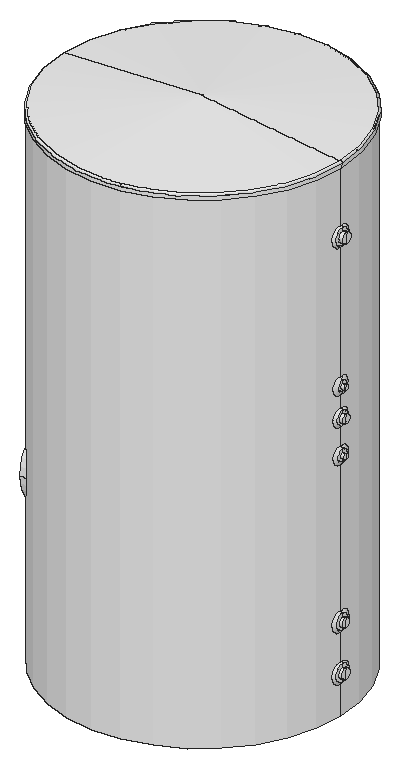
Revit family "WST-1000-5C", category Specialty Equipment, Revit 2016
Family settings
  Part Type = Normal
  Round Connector Dimension = Use Diameter
  Work Plane-Based = No
  Always vertical = Yes
  Cut with Voids When Loaded = No
  Shared = No
  Room Calculation Point = No
Parameters (values of type "WST 1000-5C")
  Versión = "1.0"  # constant formula
  URL = "www.bosch-thermotechnology.com/es/es/comercial-e-industrial/ocs/stora-w-st--5-742030-p"
  Tª máxima agua caliente = "95 ºC"
  Tiempo calentamiento con petencia nominal = "51 min"
  Temperatura máxima intercambiador = "160 ºC"
  Superficie intercambiador = ""
  Radio sonda = 19 mm / 2  # 9.5 mm
  Radio salida agua caliente = (25.4 mm + 12.7 mm) / 2  # 19.05 mm
  Radio retorno acumulador = (25.4 mm + 6.4 mm) / 2  # 15.9 mm
  Radio puerta = A Radio_deposito + 10 mm  # 545 mm
  Radio entrada agua fría = (25.4 mm + 12.7 mm) / 2  # 19.05 mm
  Radio circulación = 19.1 mm / 2  # 9.55 mm
  Radio Impulsión acumulador = (25.4 mm + 6.4 mm) / 2  # 15.9 mm
  Pérdida presión intercambiador (agua) = "350 mbar"
  Presión nominal máxima = "7,8 bar"
  Presión máxima intercambiador = "16 bar"
  Presión de servicio máxima del agua potable = "10 bar"
  Presión de prueba máxima del agua caliente = "10 bar"
  Potencia máxima de calentamiento = "111,8 kW"
  Potencia continua (80ºC imp./45ºC salida ACS/10ºC Suministro) = "111,8 kW"
  PlasticArea = Bosch_160-160-160
  Peso en vacío = "292 kg"
  Model = "WST 1000-5C"
  Manufacturer = "BOSCH"  # constant formula
  J = 2500 mm
  I = 1665 mm
  H = 1147 mm
  G = 1037 mm
  F = 330 mm
  E = 152 mm
  Description = "Interacumulador de agua caliente sanitaria de 1000 litros de capacidad, modelo WST 1000-5C"
  D Altura tanque = 1920 mm
  Contenido intercambiador = ""
  Contenido = "1000 l"
  Consumo térmico según DIN 4753 = ""
  Conexión recirculación = "R3/4\""
  Conexión agua fría = "R1 1/2\""
  Conexión agua caliente = "R1 1/2\""
  Clase de eficiencia energética de caldeo = "C"
  Caudal máximo entrada agua fría = "99 l/min"
  Caudal agua intercambiador = "5900 l/h"
  Autor = "6d ingenieros"  # constant formula
  Agua caliente útil Tª salida 45 ºC = "1410 l"
  Agua caliente útil Tª salida 40ºC = "1645 l"
  A Radio_deposito = 1070 mm / 2  # 535 mm
  C Altura patas [instance] = 12 mm
Reference planes
  plane 1 "Center (Front/Back)": y = 0
  plane 2: z = 0
  plane 3 "Center (Left/Right)": x = 0
  plane 4: z = 12
  plane 5: z = 1677
  plane 6: z = 1159
  plane 7: z = 1049
  plane 8: z = 342
  plane 9: z = 164
  plane 10: z = 2500
Forms (mm)
  Extrusion 1, solid, material "Bosch_240-240-240"
    sketch origin (0, 0, 0) x (1, 0, 0) y (0, 1, 0)
      loop
        circle (0, 0) r 535
    from 12 to 1932
  Revolve 2, solid, material "Bosch_240-240-240"
    sketch origin (198.594, 0, 0) x (1, 0, 0) y (0, 0, 1)
      loop
        line (334.975, 184.016) -> (342.475, 184.016) -> (342.475, 195.55) -> (334.975, 204) -> (334.975, 184.016)
      loop
        line (334.975, 183.05) -> (334.975, 164) -> (355.478, 164) -> (355.478, 183.05) -> (334.975, 183.05)
      axis (334.975, 164) -> (355.478, 164)
    angle from 0 to 360
  Revolve 3, solid, material "Bosch_240-240-240"
    sketch origin (198.594, 0, 238) x (1, 0, 0) y (0, 0, 1)
      loop
        line (334.975, 120.866) -> (342.475, 120.866) -> (342.475, 132.4) -> (334.975, 144) -> (334.975, 120.866)
      loop
        line (334.975, 119.9) -> (334.975, 104) -> (355.478, 104) -> (355.478, 119.9) -> (334.975, 119.9)
      axis (334.975, 104) -> (355.478, 104)
    angle from 0 to 360
  Revolve 4, solid, material "Bosch_240-240-240"
    sketch origin (198.594, 0, 642) x (1, 0, 0) y (0, 0, 1)
      loop
        line (334.975, 423.866) -> (342.475, 423.866) -> (342.475, 432.044) -> (334.975, 441.835) -> (334.975, 423.866)
      loop
        line (334.975, 422.9) -> (334.975, 407) -> (357.62, 407) -> (357.62, 422.9) -> (334.975, 422.9)
      axis (334.975, 407) -> (357.62, 407)
    angle from 0 to 360
  Revolve 5, solid, material "Bosch_240-240-240"
    sketch origin (198.594, 0, 1275) x (1, 0, 0) y (0, 0, 1)
      loop
        line (334.975, 422.016) -> (342.475, 422.016) -> (342.475, 433.55) -> (334.975, 442) -> (334.975, 422.016)
      loop
        line (334.975, 421.05) -> (334.975, 402) -> (359.611, 402) -> (359.611, 421.05) -> (334.975, 421.05)
      axis (334.975, 402) -> (359.611, 402)
    angle from 0 to 360
  Revolve 6, solid, material "Bosch_240-240-240"
    sketch origin (0, 0, 502.5) x (1, 0, 0) y (0, 0, 1)
      loop
        line (2.035, 1413.681) -> (539.198, 1413.681) -> (539.198, 1426.906)
        arc (539.198, 1426.906) -> (537.314, 1432.088) -> (532.542, 1434.85) r 8.069
        arc (532.542, 1434.85) -> (268.29, 1467.996) -> (2.035, 1473.983) r 2604.436
        line (2.035, 1473.983) -> (2.035, 1413.681)
      axis (0, 1413.681) -> (0, 1473.983)
    angle from 0 to 360
  Extrusion 7, solid, material "Bosch_240-240-240"
    sketch origin (0, 0, 0) x (1, 0, 0) y (0, 1, 0)
      loop
        circle (-242.895, 0) r 57.2
      loop
        circle (119.968, 207.435) r 57.2
      loop
        circle (119.968, -207.435) r 57.2
    from 0 to 12
  Extrusion 8, solid, material "Bosch_160-160-160" <- "PlasticArea"
    sketch origin (-507.722, -1695.913, -1472.36) x (-0.00451, -0.000031, 0.99999) y (-0.006964, 0.999976, 0)
      loop
        circle (2915.573, 1756.393) r 16.5
      loop
        circle (2915.573, 1756.393) r 14.5
      loop
        arc (2925.722, 1762.795) -> (2915.573, 1768.393) -> (2905.424, 1762.795) r 12
        arc (2905.424, 1762.795) -> (2905.409, 1762.287) -> (2905.846, 1762.028) r 0.5
        line (2905.846, 1762.028) -> (2910.621, 1762.028) -> (2910.621, 1750.856) -> (2905.784, 1750.856)
        arc (2905.784, 1750.856) -> (2905.348, 1750.6) -> (2905.359, 1750.094) r 0.5
        arc (2905.359, 1750.094) -> (2915.573, 1744.393) -> (2925.787, 1750.094) r 12
        arc (2925.787, 1750.094) -> (2925.798, 1750.6) -> (2925.361, 1750.856) r 0.5
        line (2925.361, 1750.856) -> (2920.525, 1750.856) -> (2920.525, 1762.028) -> (2925.3, 1762.028)
        arc (2925.3, 1762.028) -> (2925.737, 1762.287) -> (2925.722, 1762.795) r 0.5
      loop
        line (2918.025, 1750.856) -> (2918.025, 1762.028) -> (2912.871, 1762.028) -> (2912.871, 1750.856) -> (2918.025, 1750.856)
      loop
        line (2909.206, 1764.114) -> (2921.958, 1764.114)
        arc (2921.958, 1764.114) -> (2915.582, 1766.408) -> (2909.206, 1764.114) r 10.01
      loop
        arc (2909.115, 1748.734) -> (2915.552, 1746.391) -> (2921.988, 1748.734) r 10.015
        line (2921.988, 1748.734) -> (2909.115, 1748.734)
      loop
        line (2904.189, 1723.669) -> (2904.189, 1711.064)
        arc (2904.189, 1711.064) -> (2908.987, 1705.609) -> (2915.01, 1709.671) r 5.5
        arc (2915.01, 1709.671) -> (2915.449, 1710.042) -> (2915.948, 1709.754) r 0.5
        arc (2915.948, 1709.754) -> (2922.122, 1706.692) -> (2926.439, 1712.064) r 5.5
        line (2926.439, 1712.064) -> (2926.439, 1723.669) -> (2904.189, 1723.669)
      loop
        line (2904.189, 1626.169) -> (2926.439, 1626.169) -> (2926.439, 1631.064) -> (2917.692, 1631.064) -> (2917.692, 1638.064) -> (2926.439, 1638.064) -> (2926.439, 1643.564) -> (2904.189, 1643.564) -> (2904.189, 1638.064) -> (2913.692, 1638.064) -> (2913.692, 1631.064) -> (2904.189, 1631.064) -> (2904.189, 1626.169)
      loop
        line (2921.692, 1718.564) -> (2917.692, 1718.564) -> (2917.692, 1714.064)
        arc (2917.692, 1714.064) -> (2919.692, 1712.064) -> (2921.692, 1714.064) r 2
        line (2921.692, 1714.064) -> (2921.692, 1718.564)
      loop
        line (2913.692, 1718.564) -> (2908.689, 1718.564) -> (2908.689, 1714.064)
        arc (2908.689, 1714.064) -> (2911.191, 1711.562) -> (2913.692, 1714.064) r 2.501
        line (2913.692, 1714.064) -> (2913.692, 1718.564)
      loop
        line (2918.904, 1650.377) -> (2921.767, 1645.947)
        spline (2921.767, 1645.947) -> (2924.895, 1649.011) -> (2926.367, 1652.953) -> (2925.927, 1657.092) -> (2923.653, 1660.713) -> (2919.937, 1663.189) -> (2915.422, 1664.093) -> (2910.888, 1663.267) -> (2907.119, 1660.856) -> (2904.768, 1657.276) -> (2904.239, 1653.145) -> (2905.626, 1649.178) -> (2908.687, 1646.061)
        line (2908.687, 1646.061) -> (2911.812, 1650.332)
        spline (2911.812, 1650.332) -> (2909.924, 1651.808) -> (2908.998, 1653.751) -> (2909.196, 1655.815) -> (2910.485, 1657.632) -> (2912.635, 1658.879) -> (2915.262, 1659.332) -> (2917.898, 1658.912) -> (2920.074, 1657.693) -> (2921.402, 1655.893) -> (2921.645, 1653.831) -> (2920.759, 1651.877) -> (2918.904, 1650.377)
      loop
        spline (2904.189, 1694.564) -> (2904.568, 1691.975) -> (2905.68, 1689.564) -> (2907.448, 1687.493) -> (2909.752, 1685.903) -> (2912.435, 1684.904) -> (2915.314, 1684.564) -> (2918.194, 1684.904) -> (2920.877, 1685.903) -> (2923.181, 1687.493) -> (2924.949, 1689.564) -> (2926.06, 1691.975) -> (2926.439, 1694.564)
        spline (2926.439, 1694.564) -> (2926.06, 1697.152) -> (2924.949, 1699.564) -> (2923.181, 1701.635) -> (2920.877, 1703.224) -> (2918.194, 1704.223) -> (2915.314, 1704.564) -> (2912.435, 1704.223) -> (2909.752, 1703.224) -> (2907.448, 1701.635) -> (2905.68, 1699.564) -> (2904.568, 1697.152) -> (2904.189, 1694.564)
      loop
        spline (2908.936, 1694.564) -> (2909.154, 1693.338) -> (2909.791, 1692.196) -> (2910.804, 1691.216) -> (2912.125, 1690.463) -> (2913.663, 1689.99) -> (2915.314, 1689.829) -> (2916.965, 1689.99) -> (2918.503, 1690.463) -> (2919.824, 1691.216) -> (2920.838, 1692.196) -> (2921.475, 1693.338) -> (2921.692, 1694.564)
        spline (2921.692, 1694.564) -> (2921.475, 1695.789) -> (2920.838, 1696.931) -> (2919.824, 1697.912) -> (2918.503, 1698.664) -> (2916.965, 1699.137) -> (2915.314, 1699.298) -> (2913.663, 1699.137) -> (2912.125, 1698.664) -> (2910.804, 1697.912) -> (2909.791, 1696.931) -> (2909.154, 1695.789) -> (2908.936, 1694.564)
      loop
        line (2920.044, 1669.973) -> (2923.326, 1666.69)
        spline (2923.326, 1666.69) -> (2923.803, 1667.235) -> (2924.244, 1667.811) -> (2924.65, 1668.414) -> (2925.017, 1669.043) -> (2925.345, 1669.695) -> (2925.632, 1670.367) -> (2925.876, 1671.057) -> (2926.078, 1671.762) -> (2926.235, 1672.478) -> (2926.349, 1673.203) -> (2926.417, 1673.935) -> (2926.439, 1674.669)
        spline (2926.439, 1674.669) -> (2925.183, 1678.841) -> (2923.495, 1680.911) -> (2921.713, 1681.899) -> (2919.832, 1682.202) -> (2918.073, 1681.899) -> (2916.453, 1680.963) -> (2915.059, 1679.233) -> (2914, 1676.685) -> (2913.231, 1674.13) -> (2912.5, 1672.296) -> (2911.212, 1671.268) -> (2908.973, 1672.704)
        spline (2908.973, 1672.704) -> (2908.813, 1673.366) -> (2908.718, 1674.04) -> (2908.689, 1674.719) -> (2908.728, 1675.399) -> (2908.832, 1676.071) -> (2909.002, 1676.73) -> (2909.236, 1677.37) -> (2909.531, 1677.984) -> (2909.885, 1678.567) -> (2910.294, 1679.113) -> (2910.755, 1679.618) -> (2911.262, 1680.075)
        line (2911.262, 1680.075) -> (2908.245, 1683.549)
        spline (2908.245, 1683.549) -> (2907.482, 1682.836) -> (2906.785, 1682.053) -> (2906.162, 1681.207) -> (2905.617, 1680.305) -> (2905.155, 1679.355) -> (2904.78, 1678.365) -> (2904.494, 1677.344) -> (2904.302, 1676.299) -> (2904.203, 1675.241) -> (2904.199, 1674.177) -> (2904.291, 1673.118) -> (2904.477, 1672.072)
        spline (2904.477, 1672.072) -> (2905.432, 1669.79) -> (2906.707, 1668.257) -> (2908.098, 1667.308) -> (2909.46, 1666.796) -> (2910.751, 1666.606) -> (2911.941, 1666.628) -> (2913.007, 1666.803) -> (2913.938, 1667.111) -> (2914.797, 1667.63) -> (2915.742, 1668.573) -> (2916.789, 1670.327) -> (2917.692, 1673.565)
        spline (2917.692, 1673.565) -> (2917.908, 1674.592) -> (2918.247, 1675.4) -> (2918.664, 1676.008) -> (2919.114, 1676.44) -> (2919.553, 1676.717) -> (2919.961, 1676.86) -> (2920.347, 1676.892) -> (2920.718, 1676.834) -> (2921.082, 1676.704) -> (2921.409, 1676.419) -> (2921.635, 1675.802) -> (2921.692, 1674.669)
        spline (2921.692, 1674.669) -> (2921.68, 1674.24) -> (2921.644, 1673.813) -> (2921.585, 1673.389) -> (2921.502, 1672.97) -> (2921.395, 1672.558) -> (2921.266, 1672.153) -> (2921.114, 1671.757) -> (2920.941, 1671.373) -> (2920.746, 1671.001) -> (2920.531, 1670.643) -> (2920.297, 1670.299) -> (2920.044, 1669.973)
    from -5.549 to 3.943
  Revolve 9, solid, material "Bosch_240-240-240"
    sketch origin (198.594, 0, 512) x (1, 0, 0) y (0, 0, 1)
      loop
        line (334.975, 417.466) -> (342.475, 417.466) -> (342.475, 429) -> (334.975, 441.99) -> (334.975, 417.466)
      loop
        line (334.975, 416.5) -> (334.975, 407) -> (357.378, 407) -> (357.378, 416.5) -> (334.975, 416.5)
      axis (334.975, 407) -> (357.378, 407)
    angle from 0 to 360
  Extrusion 10, solid, material "Bosch_240-240-240"
    sketch origin (0, -13.125, 0) x (0, 1, 0) y (0, 0, 1)
      loop
        circle (13.106, 514.373) r 145.205
    from -591.319 to -467.319
  Revolve 11, solid, material "Bosch_240-240-240"
    sketch origin (198.594, 0, 842) x (1, 0, 0) y (0, 0, 1)
      loop
        line (334.975, 327.516) -> (342.475, 327.516) -> (342.475, 335.694) -> (334.975, 351.835) -> (334.975, 327.516)
      loop
        line (334.975, 326.55) -> (334.975, 317) -> (357.62, 317) -> (357.62, 326.55) -> (334.975, 326.55)
      axis (334.975, 317) -> (357.62, 317)
    angle from 0 to 360
Dimensions and locks
  "C Altura patas": plane 4 to level
  "D Altura tanque": Extrusion 1 to plane 4
  "J": plane 10 to plane 2
  "E": plane 9 to plane 4
  "F": plane 8 to plane 4
  "G": plane 7 to plane 4
  "H": plane 6 to plane 4
  "I": plane 5 to plane 4
  locked: plane 7 to Revolve 9 sketch curve at 130
  "Radio salida agua caliente": Revolve 5 sketch curve to plane 5
  locked: Revolve 5 sketch curve to Revolve 5 sketch curve at 0.966
  "Radio Impulsión acumulador": Revolve 4 sketch curve to plane 7
  locked: Revolve 4 sketch curve to Revolve 4 sketch curve at 0.966
  "Radio entrada agua fría": Revolve 2 sketch curve to plane 9
  locked: Revolve 2 sketch curve to Revolve 2 sketch curve at 0.966
  locked: Revolve 9 sketch curve to Revolve 9 sketch curve at 0.966
  "Radio sonda": Revolve 9 sketch curve to Revolve 9 sketch curve
  "Radio retorno acumulador": Revolve 3 sketch curve to plane 8
  locked: Revolve 3 sketch curve to Revolve 3 sketch curve at 0.966
  locked: Revolve 11 sketch curve to Revolve 11 sketch curve at 0.966
  "Radio circulación": Revolve 11 sketch curve to plane 6
  locked: Revolve 11 sketch curve to plane 6 at 34.835
  "A Radio_deposito": radius of Extrusion 1 sketch curve
  aligned and locked: level to plane 2
  aligned and locked: Extrusion 1 to plane 4
  aligned and locked: Revolve 2 sketch curve to plane 9
  aligned and locked: Revolve 3 sketch curve to plane 8
  aligned and locked: Revolve 4 sketch curve to plane 7
  aligned and locked: Revolve 5 sketch curve to plane 5
  aligned and locked: Extrusion 7 to Extrusion 1
  aligned and locked: Extrusion 7 to level
  aligned and locked: Revolve 9 sketch curve to Revolve 9 sketch curve
Automatic sketch dimensions
  Extrusion 8 sketch curve to Extrusion 8 sketch curve = 0 mm  (x27)
  Extrusion 8 sketch curve to Extrusion 8 sketch curve = 0.287 mm  (x2)
  Extrusion 8 sketch curve to Extrusion 8 sketch curve = 1.595 mm
  Extrusion 8 sketch curve to Extrusion 8 sketch curve = 0.062 mm
  Extrusion 8 sketch curve to Extrusion 8 sketch curve = 3.768 mm
  Extrusion 8 sketch curve to Extrusion 8 sketch curve = 4.498 mm
  Extrusion 8 sketch curve to Extrusion 8 sketch curve = 4.5 mm  (x2)
  Extrusion 8 sketch curve to Extrusion 8 sketch curve = 4.497 mm
  Extrusion 8 sketch curve to Extrusion 8 sketch curve = 3.331 mm
  Extrusion 8 sketch curve to Extrusion 8 sketch curve = 3.359 mm
  Extrusion 8 sketch curve to Extrusion 8 sketch curve = 1 mm
  Extrusion 8 sketch curve to Extrusion 8 sketch curve = 1.506 mm
  Extrusion 8 sketch curve to Extrusion 8 sketch curve = 2.501 mm
  Extrusion 8 sketch curve to Extrusion 8 sketch curve = 3.018 mm
  Extrusion 8 sketch curve to Extrusion 8 sketch curve = 3.124 mm
  Extrusion 8 sketch curve to Extrusion 8 sketch curve = 2.25 mm
  Extrusion 8 sketch curve to Extrusion 8 sketch curve = 5.005 mm
  Extrusion 8 sketch curve to Extrusion 8 sketch curve = 1.801 mm
  Extrusion 8 sketch curve to Extrusion 8 sketch curve = 2.681 mm
  Extrusion 8 sketch curve to Extrusion 8 sketch curve = 0.021 mm
  Extrusion 8 sketch curve to Extrusion 8 sketch curve = 0.009 mm
  Extrusion 8 sketch curve to Extrusion 8 sketch curve = 8.719 mm
  Extrusion 8 sketch curve to Extrusion 8 sketch curve = 4 mm  (x3)
  Extrusion 8 sketch curve to Extrusion 8 sketch curve = 3.963 mm
  Extrusion 8 sketch curve to Extrusion 8 sketch curve = 7.092 mm
  Extrusion 8 sketch curve to Extrusion 8 sketch curve = 2 mm  (x2)
  Extrusion 8 sketch curve to Extrusion 8 sketch curve = 2.351 mm
  Extrusion 8 sketch curve to Extrusion 8 sketch curve = 2.5 mm
  Extrusion 8 sketch curve to Extrusion 8 sketch curve = 0.753 mm
  Extrusion 8 sketch curve to Extrusion 8 sketch curve = 2.863 mm
  Extrusion 8 sketch curve to Extrusion 8 sketch curve = 3.282 mm  (x2)
  Extrusion 8 sketch curve to Extrusion 8 sketch curve = 3.341 mm
  Extrusion 8 sketch curve to Extrusion 8 sketch curve = 3.374 mm
  Extrusion 8 sketch curve to Extrusion 8 sketch curve = 8.747 mm
  Extrusion 8 sketch curve to Extrusion 8 sketch curve = 4.747 mm  (x4)
  Extrusion 8 sketch curve to Extrusion 8 sketch curve = 4.672 mm
  Extrusion 8 sketch curve to Extrusion 8 sketch curve = 4.895 mm
  Extrusion 8 sketch curve to Extrusion 8 sketch curve = 7 mm
  Extrusion 8 sketch curve to Extrusion 8 sketch curve = 5.5 mm
  Extrusion 8 sketch curve to Extrusion 8 sketch curve = 2.384 mm
  Extrusion 8 sketch curve to Extrusion 8 sketch curve = 2.497 mm
  Extrusion 8 sketch curve to Extrusion 8 sketch curve = 4.271 mm
  Extrusion 8 sketch curve to Extrusion 8 sketch curve = 4.43 mm
  Extrusion 8 sketch curve to Extrusion 8 sketch curve = 16.313 mm
  Extrusion 8 sketch curve to Extrusion 8 sketch curve = 2.1 mm
  Extrusion 8 sketch curve to Extrusion 8 sketch curve = 0.632 mm
  Extrusion 8 sketch curve to Extrusion 8 sketch curve = 3.592 mm
  Extrusion 8 sketch curve to Extrusion 8 sketch curve = 4.696 mm
  Extrusion 8 sketch curve to Extrusion 8 sketch curve = 1.104 mm
  Extrusion 8 sketch curve to Extrusion 8 sketch curve = 5.406 mm
  Extrusion 8 sketch curve to Extrusion 8 sketch curve = 3.474 mm
  Extrusion 8 sketch curve to Extrusion 8 sketch curve = 25.996 mm
  Extrusion 8 sketch curve to Extrusion 8 sketch curve = 1.519 mm
  Extrusion 8 sketch curve to Extrusion 8 sketch curve = 2.519 mm
  Extrusion 8 sketch curve to Extrusion 8 sketch curve = 3 mm
  Extrusion 8 sketch curve to Extrusion 8 sketch curve = 5.105 mm
  Extrusion 8 sketch curve to Extrusion 8 sketch curve = 25.065 mm
  Extrusion 8 sketch curve to Extrusion 8 sketch curve = 1.623 mm  (x2)
  Extrusion 8 sketch curve to Extrusion 8 sketch curve = 2.123 mm  (x2)
  Extrusion 8 sketch curve to Extrusion 8 sketch curve = 5.536 mm
  Extrusion 8 sketch curve to Extrusion 8 sketch curve = 0.005 mm
  Extrusion 8 sketch curve to Extrusion 8 sketch curve = 0.013 mm
  Extrusion 8 sketch curve to Extrusion 8 sketch curve = 5.63 mm
  Extrusion 8 sketch curve to Extrusion 8 sketch curve = 5.622 mm
  Extrusion 8 sketch curve to Extrusion 8 sketch curve = 0.5 mm  (x2)
  Extrusion 8 sketch curve to Extrusion 8 sketch curve = 2.086 mm
  Extrusion 8 sketch curve to Extrusion 8 sketch curve = 4.056 mm
  Extrusion 8 sketch curve to Extrusion 8 sketch curve = 7.622 mm
  Extrusion 8 sketch curve to Extrusion 8 sketch curve = 0.284 mm
  Extrusion 8 sketch curve to Extrusion 8 sketch curve = 0.247 mm
  Extrusion 8 sketch curve to Extrusion 8 sketch curve = 6.378 mm
  Extrusion 8 sketch curve to Extrusion 8 sketch curve = 3.503 mm
  Extrusion 8 sketch curve to Extrusion 8 sketch curve = 0.433 mm
  Extrusion 8 sketch curve to Extrusion 8 sketch curve = 11.015 mm
  plane 1 "Center (Front/Back)" to Extrusion 10 sketch curve = 0.019 mm
  plane 8 to Extrusion 10 sketch curve = 172.373 mm
  plane 1 "Center (Front/Back)" to Extrusion 7 sketch curve = 0 mm
  Extrusion 7 sketch curve to plane 3 "Center (Left/Right)" = 242.895 mm
  plane 3 "Center (Left/Right)" to Extrusion 7 sketch curve = 119.968 mm  (x2)
  plane 1 "Center (Front/Back)" to Extrusion 7 sketch curve = 207.435 mm
  Extrusion 7 sketch curve to plane 1 "Center (Front/Back)" = 207.435 mm
  Revolve 6 sketch curve to plane 3 "Center (Left/Right)" = 0 mm
  plane 3 "Center (Left/Right)" to Revolve 6 sketch curve = 2.035 mm
  plane 3 "Center (Left/Right)" to Revolve 6 sketch curve = 76.695 mm
  plane 5 to Revolve 6 sketch curve = 252.406 mm
  Revolve 6 sketch curve to Revolve 6 sketch curve = 529.095 mm
  Revolve 6 sketch curve to Revolve 6 sketch curve = 8.069 mm
  Revolve 6 sketch curve to Revolve 6 sketch curve = 13.225 mm
  Revolve 6 sketch curve to level = 626.883 mm
  Revolve 6 sketch curve to Revolve 6 sketch curve = 60.302 mm
  Revolve 6 sketch curve to Revolve 6 sketch curve = 60 mm
  Revolve 6 sketch curve to Revolve 6 sketch curve = 99.698 mm
  plane 1 "Center (Front/Back)" to Extrusion 1 sketch curve = 0 mm
  Extrusion 1 sketch curve to plane 3 "Center (Left/Right)" = 0 mm
  Revolve 2 sketch curve to plane 9 = 0 mm
  plane 9 to Revolve 2 sketch curve = 40 mm
  plane 3 "Center (Left/Right)" to Revolve 2 sketch curve = 533.569 mm
  Revolve 2 sketch curve to Revolve 2 sketch curve = 0 mm
  Revolve 2 sketch curve to Revolve 2 sketch curve = 7.5 mm
  Revolve 2 sketch curve to Revolve 2 sketch curve = 13.002 mm
  Revolve 2 sketch curve to Revolve 2 sketch curve = 11.534 mm
  Revolve 2 sketch curve to Revolve 2 sketch curve = 5 mm
  Revolve 2 sketch curve to Revolve 2 sketch curve = 24.498 mm
  Revolve 3 sketch curve to plane 8 = 0 mm
  plane 8 to Revolve 3 sketch curve = 40 mm
  plane 3 "Center (Left/Right)" to Revolve 3 sketch curve = 533.569 mm
  Revolve 3 sketch curve to Revolve 3 sketch curve = 0 mm
  Revolve 3 sketch curve to Revolve 3 sketch curve = 7.5 mm
  Revolve 3 sketch curve to Revolve 3 sketch curve = 13.002 mm
  Revolve 3 sketch curve to Revolve 3 sketch curve = 11.534 mm
  Revolve 3 sketch curve to Revolve 3 sketch curve = 5 mm
  Revolve 3 sketch curve to Revolve 3 sketch curve = 24.498 mm
  Revolve 4 sketch curve to plane 7 = 0 mm
  plane 7 to Revolve 4 sketch curve = 34.835 mm
  plane 3 "Center (Left/Right)" to Revolve 4 sketch curve = 533.569 mm
  Revolve 4 sketch curve to Revolve 4 sketch curve = 0 mm
  Revolve 4 sketch curve to Revolve 4 sketch curve = 7.5 mm
  Revolve 4 sketch curve to Revolve 4 sketch curve = 15.144 mm
  Revolve 4 sketch curve to Revolve 4 sketch curve = 8.178 mm
  Revolve 4 sketch curve to Revolve 4 sketch curve = 5 mm
  Revolve 4 sketch curve to Revolve 4 sketch curve = 22.356 mm
  Revolve 5 sketch curve to plane 5 = 0 mm
  plane 5 to Revolve 5 sketch curve = 40 mm
  plane 3 "Center (Left/Right)" to Revolve 5 sketch curve = 533.569 mm
  Revolve 5 sketch curve to Revolve 5 sketch curve = 0 mm
  Revolve 5 sketch curve to Revolve 5 sketch curve = 7.5 mm
  Revolve 5 sketch curve to Revolve 5 sketch curve = 17.136 mm
  Revolve 5 sketch curve to Revolve 5 sketch curve = 11.534 mm
  Revolve 5 sketch curve to Revolve 5 sketch curve = 5 mm
  Revolve 5 sketch curve to Revolve 5 sketch curve = 20.364 mm
  Revolve 9 sketch curve to plane 7 = 95.01 mm
  plane 3 "Center (Left/Right)" to Revolve 9 sketch curve = 533.569 mm
  Revolve 9 sketch curve to Revolve 9 sketch curve = 0 mm
  Revolve 9 sketch curve to Revolve 9 sketch curve = 7.5 mm
  Revolve 9 sketch curve to Revolve 9 sketch curve = 14.903 mm
  Revolve 9 sketch curve to Revolve 9 sketch curve = 11.534 mm
  Revolve 9 sketch curve to Revolve 9 sketch curve = 5 mm
  Revolve 9 sketch curve to Revolve 9 sketch curve = 22.597 mm
  Revolve 11 sketch curve to plane 6 = 0 mm  (x2)
  plane 3 "Center (Left/Right)" to Revolve 11 sketch curve = 533.569 mm
  Revolve 11 sketch curve to Revolve 11 sketch curve = 0 mm
  Revolve 11 sketch curve to Revolve 11 sketch curve = 7.5 mm
  Revolve 11 sketch curve to Revolve 11 sketch curve = 15.144 mm
  Revolve 11 sketch curve to Revolve 11 sketch curve = 8.178 mm
  Revolve 11 sketch curve to Revolve 11 sketch curve = 5 mm
  Revolve 11 sketch curve to Revolve 11 sketch curve = 22.356 mm
  radius of Extrusion 8 sketch curve = 16.5 mm
  radius of Extrusion 8 sketch curve = 14.5 mm
  radius of Extrusion 10 sketch curve = 145.205 mm
  radius of Extrusion 7 sketch curve = 57.2 mm  (x3)
Connectors
  piping at (558.205, 0, 1677), diameter 38.2
    settings: on Revolve 5, index 1, connector inside diameter 609.6 mm, connector length 0 mm, flow factor 0, pipe flow 0.0 L/s, pressure drop 0.0 Pa, fitting loss kfactor 0, connector angle 0.00°, fixture units 0, engagement length 0 mm, angle of deflection 0.00°, flow configuration 0, flow direction 2, fitting loss method 0, system type 19, joint type 0, gender type 0, connector reference index -1, connector utility 0, adjustable connector no, is connector primary yes, connector description "Salida agua caliente"
  piping at (556.213, 0, 1049), diameter 31.8
    settings: on Revolve 4, index 3, connector inside diameter 609.6 mm, connector length 0 mm, flow factor 0, pipe flow 0.0 L/s, pressure drop 0.0 Pa, fitting loss kfactor 0, connector angle 0.00°, fixture units 0, engagement length 0 mm, angle of deflection 0.00°, flow configuration 0, flow direction 1, fitting loss method 0, system type 7, joint type 0, gender type 0, connector reference index -1, connector utility 0, adjustable connector no, is connector primary no, connector description "Impulsión intercambiador"
  piping at (554.071, 0, 342), diameter 31.8
    settings: on Revolve 3, index 5, connector inside diameter 609.6 mm, connector length 0 mm, flow factor 0, pipe flow 0.0 L/s, pressure drop 0.0 Pa, fitting loss kfactor 0, connector angle 0.00°, fixture units 0, engagement length 0 mm, angle of deflection 0.00°, flow configuration 0, flow direction 2, fitting loss method 0, system type 8, joint type 0, gender type 0, connector reference index -1, connector utility 0, adjustable connector no, is connector primary no, connector description "Retorno intercambiador"
  piping at (554.071, 0, 164), diameter 38.2
    settings: on Revolve 2, index 6, connector inside diameter 609.6 mm, connector length 0 mm, flow factor 0, pipe flow 0.0 L/s, pressure drop 0.0 Pa, fitting loss kfactor 0, connector angle 0.00°, fixture units 0, engagement length 0 mm, angle of deflection 0.00°, flow configuration 0, flow direction 1, fitting loss method 0, system type 20, joint type 0, gender type 0, connector reference index -1, connector utility 0, adjustable connector no, is connector primary no, connector description "Entrada agua fría"
  piping at (556.213, 0, 1159), diameter 19.1
    settings: on Revolve 11, index 7, connector inside diameter 609.6 mm, connector length 0 mm, flow factor 0, pipe flow 0.0 L/s, pressure drop 0.0 Pa, fitting loss kfactor 0, connector angle 0.00°, fixture units 0, engagement length 0 mm, angle of deflection 0.00°, flow configuration 0, flow direction 1, fitting loss method 0, system type 22, joint type 0, gender type 0, connector reference index -1, connector utility 0, adjustable connector no, is connector primary no, connector description "Recirculación ACS"
